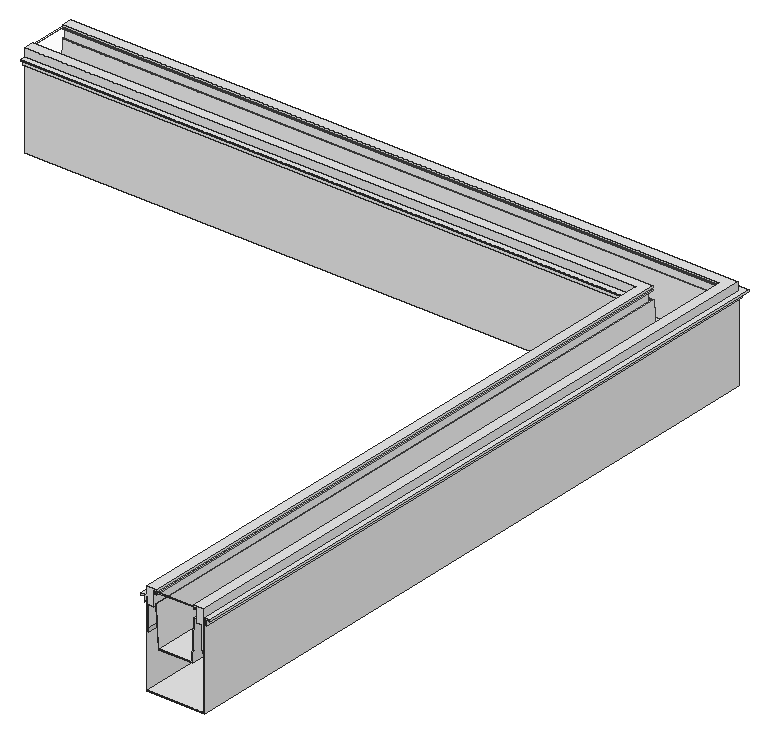
Revit family "Lighting-Linear_Recessed-Philips_Ledalite-TruGroove_Micro-Corner", category Lighting Fixtures, host Face, Revit 2017
Family settings
  Host = Face
  Round Connector Dimension = Use Diameter
  Part Type = Normal
  OmniClass Number = 23.80.70.11.14.17
  OmniClass Title = Direct/Indirect
  Cut with Voids When Loaded = No
  Light Source = No
  Shared = No
  Room Calculation Point = No
Parameters (values of type "Corner - T-Grid Housing")
  eCatalog URL = "www.ledalite.com"
  Wiring Type = "Contact Signify for a complete list of available options."  # constant formula
  Width = 0' - 1 3/4"  # constant formula
  Version = "2017 v1.0b"  # constant formula
  Stand Alone Fixture [instance] = 1 = 1  # yes
  Right Reflect [instance] = 0' - 0"  # constant formula
  Right Lens [instance] = 0' - 0"  # constant formula
  Right Housing [instance] = 0' - 0"  # constant formula
  Right End [instance] = 0' - 0"  # constant formula
  Product Family = "TruGroove Recessed Micro-Corner"
  Mounting Method = if(Grid, "T-Grid", "Drywall")  # "T-Grid"
  Lens Material Finish = Acrylic-Signify-Lens
  Left Reflect [instance] = 0' - 0"  # constant formula
  Left Lens [instance] = 0' - 0"  # constant formula
  Left Housing [instance] = 0' - 0"  # constant formula
  Left End [instance] = 0' - 0"  # constant formula
  Wattage Comments = "-"
  Voltage = 0 V
  URL = "https://www.signify.com/en-us"
  Product Page URL = "http://www.lightingproducts.philips.com/search-tool.html#!q=LI230L"
  Product Documentation Link = "Contact Signify for Product Documentation"
  Power Factor = 1
  Phase = 1
  Inset = if(Drywall, 0' 0 17/128", 0' 0 25/128")  # 0' - 0 25/128"
  Housing Material Finish = Aluminum-Signify-Powder-Coated-White
  Housing = "Standard"
  Height = 0' - 3 17/32"  # constant formula
  Grid = not(Drywall)  # yes
  Number of Poles = 1
  Model = "TruGroove Recessed Micro Corner - T-GridHousing"
  Material = ""
  Manufacturer = "Ledalite"
  Length = 2' - 1 13/128"  # constant formula
  Last Updated = "9.17.18"
  Lamp = "-"
  Generation = "N/A"  # constant formula
  Frequency = 60 Hz
  Drywall = no
  Driver = "Consult your Signify representative for other supported drivers.\n"  # constant formula
  Description = "TruGroove Recessed Micro Corner - T-GridHousing"
  Default Elevation = 0' - 0"
  Copyright = "©2018-2019 Signify Holding. All rights reserved."  # constant formula
  Catalog Number = "TruGroove Recessed Micro Corner - T-GridHousing"
  built-in parameter 1140040 [instance] = (empty or 0)
  C Length = 2' - 1 13/128"  # constant formula
  Available Finishes = "White"  # constant formula
  Apparent Load = 0 VA
Types (2): name | Mounting Method | Inset | Grid | Model | Drywall | Description | Catalog Number
  Corner - Drywall Housing | "Drywall" | 0' - 0 17/128" | no | "TruGroove Recessed Micro Corner - Drywall Housing" | yes | "TruGroove Recessed Micro Corner - Drywall Housing" | "TruGroove Recessed Micro Corner - Drywall Housing"
  Corner - T-Grid Housing | "T-Grid" | 0' - 0 25/128" | yes | "TruGroove Recessed Micro Corner - T-GridHousing" | no | "TruGroove Recessed Micro Corner - T-GridHousing" | "TruGroove Recessed Micro Corner - T-GridHousing"
Reference planes (in)
  plane 1 "Center (Front/Back)": y = 0
  plane 2 "ref": z = 0
  plane 3 "Center (Left/Right)": x = 0
  plane 4 "Left": x = -24.00781
  plane 5 "2": z = -3.53044
  plane 6 "Top": z = -0.19531
  plane 7: y = 1.09467
  plane 8: y = -1.09467
  plane 9 "Light Source": z = 0
  plane 10: x = -1.09375
  plane 11: x = 1.09375
  plane 12: y = -24.00689
  plane 13: z = -0.00044
Forms (in)
  Sweep 1, solid, material "Aluminum-Signify-Powder-Coated-White" <- "Housing Material Finish", detail levels medium+fine
    path origin (0, 0, -3.53044) x (0, -1, 0) y (1, 0, 0)
      loop
        line (24.00689, 0) -> (0, 0) -> (0, -24.00781)
    profile "Light Profile-TruGroove Micro : Light Profile-TruGroove Micro" origin (-12.00391, 0, -3.53044) x (0, -1, 0) y (0, 0, 1)
      loop
        line (0.72454, 3.0717) -> (0.69325, 3.0717) -> (0.61495, 1.57764) -> (-0.61495, 1.57764) -> (-0.69316, 3.07007) -> (-0.72445, 3.07007) -> (-0.6446, 1.54639) -> (0.6446, 1.54639) -> (0.72454, 3.0717)
  Sweep 2, solid, material "Acrylic-Signify-Lens" <- "Lens Material Finish", detail levels medium+fine
    path origin (0, 0, -3.53044) x (0, -1, 0) y (1, 0, 0)
      loop
        line (24.00689, 0) -> (0, 0) -> (0, -24.00781)
    profile "Lens Profile-TruGroove Micro Corner : Lens Micro" origin (-12.00391, 0, -3.53044) x (0, -1, 0) y (0, 0, 1)
      loop
        line (0.81082, 3.46681) -> (-0.81082, 3.46681) -> (-0.81082, 3.41551) -> (0.81082, 3.41551) -> (0.81082, 3.46681)
  Sweep 3, solid, material "Aluminum-Signify-Powder-Coated-White" <- "Housing Material Finish", detail levels medium+fine
    path origin (0, 0, -3.53044) x (0, -1, 0) y (1, 0, 0)
      loop
        line (0, -24.00781) -> (0, 0) -> (24.00689, 0)
    profile "Housing Profile-TruGroove Micro : Lens Profile-TruGroove Micro" origin (-12.00391, 0, -3.53044) x (0, 1, 0) y (0, 0, 1)
      loop
        line (-1.09467, 3.17423) -> (-1.09467, 0) -> (1.09467, 0) -> (1.09467, 3.17423) -> (1.06342, 3.17423) -> (1.06342, 0.03125) -> (-1.06342, 0.03125) -> (-1.06342, 3.17423) -> (-1.09467, 3.17423)
  Extrusion 4, void
    sketch origin (0, 0, -3.53044) x (0, -1, 0) y (1, 0, 0)
      loop
        line (-1.0625, -24.00781) -> (1.0625, -24.00781) -> (1.0625, -1.0625) -> (24.00689, -1.0625) -> (24.00689, 1.0625) -> (-1.0625, 1.0625) -> (-1.0625, -24.00781)
    from 0 to 3.53044
  Sweep 5, solid, material "Aluminum-Signify-Powder-Coated-White" <- "Housing Material Finish", visible <- "Grid", detail levels medium+fine
    path origin (0, 0, -3.53044) x (0, -1, 0) y (1, 0, 0)
      loop
        line (0, -24.00781) -> (0, 0) -> (24.00689, 0)
    profile "Tgrid Double Profile-TruGroove Micro Corner : Lens Profile-TruGroove Micro" origin (-12.00391, 0, -3.53044) x (0, 1, 0) y (0, 0, 1)
      loop
        line (-1.06342, 3.17423) -> (-1.06342, 2.02665) -> (-1.01715, 2.02665) -> (-0.99455, 2.14295) -> (-0.99455, 2.93914) -> (-0.79935, 2.93914) -> (-0.79935, 3.3811) -> (-0.70378, 3.3811) -> (-0.70378, 3.41551) -> (-0.81082, 3.41551) -> (-0.81082, 3.46681) -> (-0.70378, 3.46681) -> (-0.70378, 3.53) -> (-1.06342, 3.53) -> (-1.06342, 3.23078) -> (-1.28855, 3.23078) -> (-1.28855, 3.17423) -> (-1.16086, 3.17423) -> (-1.16086, 2.98078) -> (-1.09467, 3.04696) -> (-1.09467, 3.17423) -> (-1.06342, 3.17423)
      loop
        line (1.06342, 3.17423) -> (1.09467, 3.17423) -> (1.09467, 3.04696) -> (1.16086, 2.98078) -> (1.16086, 3.17423) -> (1.28855, 3.17423) -> (1.28855, 3.23078) -> (1.06342, 3.23078) -> (1.06342, 3.53) -> (0.70378, 3.53) -> (0.70378, 3.46681) -> (0.81082, 3.46681) -> (0.81082, 3.41551) -> (0.70378, 3.41551) -> (0.70378, 3.3811) -> (0.79935, 3.3811) -> (0.79935, 2.93914) -> (0.99455, 2.93914) -> (0.99455, 2.14295) -> (1.01715, 2.02665) -> (1.06342, 2.02665) -> (1.06342, 3.17423)
  Sweep 6, solid, material "Aluminum-Signify-Powder-Coated-White" <- "Housing Material Finish", visible <- "Drywall", detail levels medium+fine
    path origin (0, 0, -3.53044) x (0, -1, 0) y (1, 0, 0)
      loop
        line (0, -24.00781) -> (0, 0) -> (24.00689, 0)
    profile "Drywall Trim Double Profile-TruGroove Micro Corner : Lens Profile-TruGroove Micro" origin (-12.00391, 0, -3.53044) x (0, 1, 0) y (0, 0, 1)
      loop
        line (1.06342, 3.17423) -> (1.09467, 3.17423) -> (1.09467, 3.04696) -> (1.16086, 2.98078) -> (1.16086, 3.23078) -> (1.06342, 3.23078) -> (1.06342, 3.46681) -> (1.64028, 3.46681) -> (1.64028, 3.53) -> (0.70378, 3.53) -> (0.70378, 3.46681) -> (0.81082, 3.46681) -> (0.81082, 3.41551) -> (0.70378, 3.41551) -> (0.70378, 3.3811) -> (0.79935, 3.3811) -> (0.79935, 2.93914) -> (0.99455, 2.93914) -> (0.99455, 2.14295) -> (1.01715, 2.02665) -> (1.06342, 2.02665) -> (1.06342, 3.17423)
      loop
        line (-1.06342, 3.17423) -> (-1.06342, 2.02665) -> (-1.01715, 2.02665) -> (-0.99455, 2.14295) -> (-0.99455, 2.93914) -> (-0.79935, 2.93914) -> (-0.79935, 3.3811) -> (-0.70378, 3.3811) -> (-0.70378, 3.41551) -> (-0.81082, 3.41551) -> (-0.81082, 3.46681) -> (-0.70378, 3.46681) -> (-0.70378, 3.53) -> (-1.64028, 3.53) -> (-1.64028, 3.46681) -> (-1.06342, 3.46681) -> (-1.06342, 3.23078) -> (-1.16086, 3.23078) -> (-1.16086, 2.98078) -> (-1.09467, 3.04696) -> (-1.09467, 3.17423) -> (-1.06342, 3.17423)
  Extrusion 7, solid, material "Aluminum-Signify-Powder-Coated-White" <- "Housing Material Finish", detail levels coarse
    sketch origin (0, 0, -3.53044) x (0, -1, 0) y (1, 0, 0)
      loop
        line (-1.09467, -24.00781) -> (1.09467, -24.00781) -> (1.09467, -1.09375) -> (24.00689, -1.09375) -> (24.00689, 1.09375) -> (-1.09467, 1.09375) -> (-1.09467, -24.00781)
    from 0 to 3.53
Lines and regions (in)
  Masking region 1, visible <- "Grid"
    outline origin (0, 0, 0) x (1, 0, 0) y (0, 1, 0)
      loop
        line (-24.00781, 1.0625) -> (-24.00781, -1.0625) -> (-1.06342, -1.0625) -> (-1.06342, -24.00689) -> (1.06342, -24.00689) -> (1.06342, 1.0625) -> (-24.00781, 1.0625)
  Masking region 2, detail levels medium+fine
    outline origin (0, 0, 0) x (1, 0, 0) y (0, 1, 0)
      loop
        line (-24.00781, 0.70312) -> (-24.00781, -0.70313) -> (-0.70312, -0.70313) -> (-0.70312, -24.00689) -> (0.70313, -24.00689) -> (0.70313, 0.70312) -> (-24.00781, 0.70312)
  Split face 1
    outline origin (-24.00781, 1.09467, -3.53044) x (0, -1, 0) y (1, 0, 0)
      loop
        circle (1.09467, 1.6865) r 0.25
  Masking region 3, visible <- "Drywall", detail levels coarse
    outline origin (0, 0, 0) x (1, 0, 0) y (0, 1, 0)
      loop
        line (-24.00781, 1.0625) -> (-24.00781, -1.0625) -> (-1.06342, -1.0625) -> (-1.06342, -24.00689) -> (1.06342, -24.00689) -> (1.06342, 1.0625) -> (-24.00781, 1.0625)
  Masking region 4, visible <- "Drywall", detail levels medium+fine
    outline origin (0, 0, -3.53044) x (0, -1, 0) y (1, 0, 0)
      loop
        line (-0.70312, -24.00781) -> (-0.70312, 0.70313) -> (24.00689, 0.70313) -> (24.00689, 1.64028) -> (-1.64028, 1.64028) -> (-1.64028, -24.00781) -> (-0.70312, -24.00781)
      loop
        line (0.70378, -0.70378) -> (0.70378, -24.00781) -> (1.64028, -24.00781) -> (1.64028, -1.64028) -> (24.00689, -1.64028) -> (24.00689, -0.70378) -> (0.70378, -0.70378)
Dimensions and locks (in)
  "C Length": plane 4 "Left" to plane 11
  "Inset": level to plane 6 "Top"
  locked: plane 6 "Top" to plane 5 "2" at 3.33512
  Masking region 1 sketch curve to plane 1 "Center (Front/Back)" to Masking region 1 sketch curve = 0' - 1 1/16" locked, 0' - 1 1/16" locked
  locked: Extrusion 4 sketch curve to plane 7 at 0.03217
  locked: Extrusion 4 sketch curve to plane 8 at 0.03217
  locked: plane 4 "Left" to Split face 1 sketch curve at 1.6865
  equal spacing: plane 10, plane 3 "Center (Left/Right)", plane 11
  locked: plane 10 to plane 11 at 2.1875
  equal spacing: plane 7, plane 1 "Center (Front/Back)", plane 8
  locked: plane 8 to plane 7 at 2.18934
  "C Length": plane 7 to plane 12
  plane 6 "Top" to Sweep 6 = 0' - 0.13168"
  Masking region 1 sketch curve to plane 3 "Center (Left/Right)" to Masking region 1 sketch curve = 0' - 1.06342" locked, 0' - 1.06342" locked
  Masking region 2 sketch curve to plane 1 "Center (Front/Back)" to Masking region 2 sketch curve = 0' - 0 45/64" locked, 0' - 0 45/64" locked
  Masking region 2 sketch curve to plane 3 "Center (Left/Right)" to Masking region 2 sketch curve = 0' - 0 45/64" locked, 0' - 0 45/64" locked
  Masking region 3 sketch curve to plane 1 "Center (Front/Back)" to Masking region 3 sketch curve = 0' - 1 1/16" locked, 0' - 1 1/16" locked
  Masking region 3 sketch curve to plane 3 "Center (Left/Right)" to Masking region 3 sketch curve = 0' - 1.06342" locked, 0' - 1.06342" locked
  Masking region 4 sketch curve to Masking region 4 sketch curve to plane 3 "Center (Left/Right)" to Masking region 4 sketch curve to Masking region 4 sketch curve = 0' - 0.93651" locked, 0' - 0.70378" locked, 0' - 0 45/64" locked, 0' - 0.93716" locked
  Masking region 4 sketch curve to Masking region 4 sketch curve to plane 1 "Center (Front/Back)" to Masking region 4 sketch curve to Masking region 4 sketch curve = 0' - 0.93651" locked, 0' - 0.70378" locked, 0' - 0 45/64" locked, 0' - 0.93716" locked
  locked: plane 10 to Extrusion 4 sketch curve at 0.03125
  locked: Extrusion 4 sketch curve to plane 11 at 0.03125
  locked: plane 13 to plane 6 "Top" at 0.19488
  aligned and locked: plane 2 "ref" to host face
  aligned and locked: level to host face
  aligned and locked: Sweep 2 sketch curve to plane 1 "Center (Front/Back)"
  aligned and locked: Sweep 1 sketch curve to plane 1 "Center (Front/Back)"
  aligned and locked: plane 1 "Center (Front/Back)" to Sweep 3 sketch curve
  aligned and locked: level to Extrusion 4
  aligned and locked: Extrusion 4 to plane 5 "2"
  aligned and locked: plane 1 "Center (Front/Back)" to Split face 1 sketch curve
  aligned and locked: Sweep 2 sketch curve to plane 3 "Center (Left/Right)"
  aligned and locked: plane 12 to Sweep 2 sketch curve
  aligned and locked: plane 4 "Left" to Sweep 2 sketch curve
  aligned and locked: plane 4 "Left" to Sweep 3 sketch curve
  aligned and locked: plane 3 "Center (Left/Right)" to Sweep 3 sketch curve
  aligned and locked: plane 12 to Sweep 3 sketch curve
  aligned and locked: plane 12 to Sweep 1 sketch curve
  aligned and locked: plane 3 "Center (Left/Right)" to Sweep 1 sketch curve
  aligned and locked: plane 4 "Left" to Sweep 1 sketch curve
  aligned and locked: plane 1 "Center (Front/Back)" to Sweep 5 sketch curve
  aligned and locked: plane 4 "Left" to Sweep 5 sketch curve
  aligned and locked: Sweep 5 sketch curve to plane 3 "Center (Left/Right)"
  aligned and locked: plane 12 to Sweep 5 sketch curve
  aligned and locked: plane 1 "Center (Front/Back)" to Sweep 6 sketch curve
  aligned and locked: plane 4 "Left" to Sweep 6 sketch curve
  aligned and locked: Sweep 6 sketch curve to plane 3 "Center (Left/Right)"
  aligned and locked: plane 12 to Sweep 6 sketch curve
  aligned and locked: plane 12 to Masking region 1 sketch curve
  aligned and locked: plane 12 to Masking region 2 sketch curve
  aligned and locked: Masking region 2 sketch curve to plane 4 "Left"
  aligned and locked: Masking region 3 sketch curve to plane 4 "Left"
  aligned and locked: plane 12 to Masking region 3 sketch curve
  aligned and locked: plane 12 to Masking region 4 sketch curve  (x2)
  aligned and locked: plane 4 "Left" to Masking region 4 sketch curve  (x2)
  aligned and locked: Extrusion 4 sketch curve to plane 12
  aligned and locked: Extrusion 7 sketch curve to plane 12
  aligned and locked: Extrusion 7 sketch curve to plane 11
  aligned and locked: Extrusion 7 sketch curve to plane 10
  aligned and locked: Extrusion 7 sketch curve to plane 4 "Left"
  aligned and locked: plane 7 to Extrusion 7 sketch curve
  aligned and locked: plane 8 to Extrusion 7 sketch curve
  aligned and locked: Extrusion 7 to plane 5 "2"
  aligned and locked: plane 13 to Extrusion 7
Automatic sketch dimensions
  host sketch curve to host sketch curve = 8' - 0"
  host sketch curve to host sketch curve = 6' - 10.93804"
  Masking region 1 sketch curve to plane 4 "Left" = 0' - 0"
  Extrusion 4 sketch curve to plane 4 "Left" = 0' - 0"
  radius of Split face 1 sketch curve = 0' - 0 1/4"
